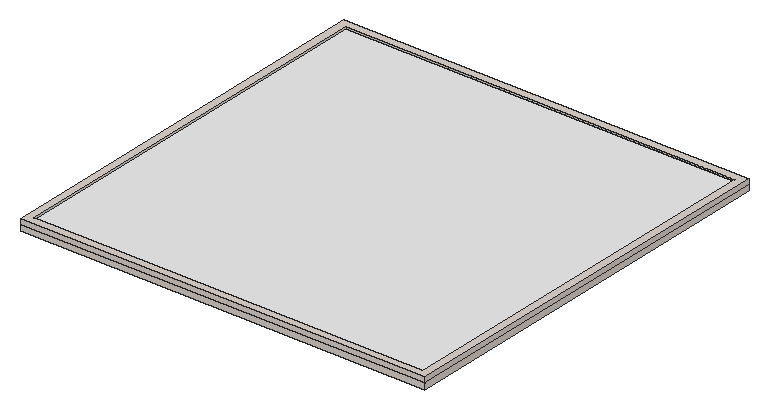
Revit family "SKY LED FLAT PANEL", category Lighting Fixtures, host Face, Revit 2020 (continued)
Types (13): name | Wattage | WATTS | built-in parameter 1150134 | Replaces/Equiv.(MH) | Photometric Web File | Order number | built-in parameter 1150142 | Model | built-in parameter 1150105 | Lumens | built-in parameter 1150107 | built-in parameter 1150106 | Fixture Width | Fixture Length | Default Elevation | Apparent Load
    52     \r\n 1.60     1.68     1.76     1.84     1.92     2.00     2.08     2.16     2.24     2.32     \r\n 2.39     2.47     2.55     2.62     2.70     2.78     2.85     2.92     2.99     3.06     \r\n 3.12     3.17     3.23     3.28     3.34     3.39     3.45     3.51     3.56     3.62     \r\n 3.67     3.73     3.77     3.83     3.88     3.94     4.00     4.05     4.10     4.16     \r\n 4.22     4.27     4.33     4.38     4.44     4.49     4.55     4.61     4.67     4.72     \r\n 4.77     4.82     4.86     4.91     4.97     5.03     5.08     5.14     5.20     5.25     \r\n 5.30     5.33     5.35     5.39     5.41     5.43     5.45     5.48     5.50     5.52     \r\n 5.55     5.57     5.59     5.61     5.64     5.65     5.67     5.67     5.67     5.67     \r\n 5.71     \r\n1317.43  1317.77  1316.57  1314.57  1314.03  1312.01  1311.27  1306.54  1304.11  1299.52  \r\n 1294.46  1291.07  1284.54  1280.74  1275.54  1269.30  1262.76  1254.79  1246.25  1238.40  \r\n 1229.66  1222.43  1211.47  1203.24  1192.87  1182.61  1169.86  1159.70  1147.17  1135.55  \r\n 1122.95  1110.74  1095.77  1083.60  1069.58  1055.30  1039.75  1025.09  1011.26  995.07   \r\n 979.47   962.53   946.57   927.68   912.09   893.42   876.53   857.99   839.81   821.49   \r\n 802.79   783.83   762.99   744.30   725.10   704.64   684.17   664.82   644.02   623.23   \r\n 601.37   581.62   559.69   538.23   516.40   495.72   473.86   452.75   430.43   409.12   \r\n 387.43   365.87   344.77   323.39   302.42   281.36   260.48   240.10   220.03   199.84   \r\n 180.19   160.95   142.40   124.14   105.89   88.43    71.56    54.69    37.96    22.73    \r\n 9.24     1.27     1.11     1.18     1.25     1.33     1.41     1.50     1.58     1.67     \r\n 1.75     1.84     1.94     2.03     2.12     2.21     2.30     2.39     2.48     2.57     \r\n 2.66     2.75     2.84     2.93     3.01     3.10     3.18     3.25     3.33     3.39     \r\n 3.45     3.51     3.57     3.62     3.68     3.73     3.78     3.82     3.86     3.92     \r\n 3.97     4.01     4.06     4.10     4.15     4.19     4.23     4.27     4.31     4.35     \r\n 4.38     4.43     4.46     4.50     4.54     4.59     4.63     4.68     4.73     4.77     \r\n 4.82     4.87     4.90     4.95     5.00     5.05     5.10     5.15     5.22     5.26     \r\n 5.31     5.36     5.39     5.41     5.44     5.46     5.49     5.52     5.55     5.57     \r\n 5.60     5.62     5.65     5.67     5.68     5.71     5.72     5.75     5.75     5.76     \r\n 5.71     \r\n1317.43  1316.80  1315.28  1316.11  1313.80  1313.92  1311.79  1307.38  1304.71  1300.99  \r\n 1296.78  1291.72  1289.53  1283.97  1278.29  1270.08  1262.44  1256.75  1250.38  1240.44  \r\n 1234.41  1223.46  1215.49  1202.92  1194.14  1184.26  1171.42  1161.18  1150.07  1138.48  \r\n 1127.28  1113.36  1101.11  1088.15  1073.09  1057.30  1045.31  1029.09  1014.18  996.27   \r\n 981.42   966.76   950.47   931.37   915.79   898.14   880.34   863.18   843.55   825.06   \r\n 806.06   786.87   767.16   748.26   729.87   708.15   689.06   668.23   647.74   628.03   \r\n 606.28   584.15   563.13   542.29   521.03   499.88   478.59   456.08   434.40   412.74   \r\n 391.48   369.73   348.79   327.50   306.01   285.33   264.36   244.03   223.56   203.68   \r\n 183.87   164.68   146.05   127.41   109.12   91.75    73.86    57.83    40.96    25.93    \r\n 12.64    2.24     1.24     1.29     1.36     1.37     1.44     1.53     1.61     1.70     \r\n 1.79     1.88     1.96     2.05     2.14     2.22     2.30     2.40     2.48     2.57     \r\n 2.66     2.76     2.84     2.93     3.01     3.09     3.17     3.24     3.31     3.37     \r\n 3.44     3.50     3.56     3.61     3.66     3.72     3.77     3.81     3.86     3.91     \r\n 3.96     4.01     4.05     4.10     4.15     4.20     4.24     4.28     4.33     4.37     \r\n 4.42     4.46     4.49     4.54     4.59     4.64     4.69     4.75     4.80     4.85     \r\n 4.90     4.95     5.01     5.06     5.10     5.16     5.21     5.27     5.31     5.36     \r\n 5.40     5.43     5.45     5.47     5.50     5.52     5.55     5.56     5.58     5.60     \r\n 5.61     5.62     5.65     5.66     5.67     5.68     5.68     5.69     5.70     5.69     \r\n 5.71     \r\n1317.43  1320.31  1317.42  1319.36  1317.72  1317.13  1313.82  1309.28  1307.24  1305.37  \r\n 1298.05  1296.37  1291.44  1285.67  1277.27  1270.92  1265.65  1258.27  1250.94  1242.85  \r\n 1232.60  1225.76  1214.83  1206.18  1196.18  1186.01  1174.56  1161.36  1150.76  1139.13  \r\n 1126.02  1112.86  1099.82  1085.91  1073.34  1058.79  1043.05  1029.27  1013.71  996.89   \r\n 980.91   964.45   949.03   931.53   914.93   897.44   877.90   861.18   842.69   823.60   \r\n 805.19   785.47   766.40   747.14   726.61   707.01   686.34   665.45   645.77   624.59   \r\n 603.05   582.25   561.56   539.58   518.09   497.05   475.58   454.09   432.92   411.02   \r\n 389.66   367.65   346.24   324.66   303.95   282.82   262.43   241.25   221.21   201.08   \r\n 181.75   162.13   143.11   124.46   106.42   88.43    71.73    55.04    39.41    24.71    \r\n 11.99    2.34     1.34     1.40     1.50     1.59     1.68     1.77     1.82     1.86     \r\n 1.90     1.95     2.02     2.10     2.18     2.27     2.35     2.44     2.52     2.61     \r\n 2.69     2.78     2.86     2.93     3.01     3.09     3.16     3.23     3.30     3.36     \r\n 3.42     3.48     3.54     3.59     3.65     3.70     3.75     3.81     3.87     3.93     \r\n 3.97     4.02     4.08     4.13     4.18     4.22     4.27     4.32     4.36     4.41     \r\n 4.45     4.49     4.53     4.57     4.61     4.66     4.71     4.75     4.80     4.84     \r\n 4.89     4.94     4.99     5.04     5.08     5.14     5.19     5.23     5.27     5.31     \r\n 5.35     5.38     5.40     5.43     5.44     5.47     5.50     5.53     5.55     5.57     \r\n 5.58     5.59     5.60     5.60     5.61     5.61     5.62     5.63     5.64     5.64     \r\n 5.71     \r\n1317.43  1317.38  1317.62  1317.77  1316.93  1313.54  1310.92  1309.14  1306.51  1302.80  \r\n 1295.81  1293.42  1287.51  1281.16  1278.43  1271.19  1263.99  1254.75  1247.84  1240.11  \r\n 1232.40  1223.51  1213.18  1205.69  1191.74  1183.11  1172.82  1160.38  1150.20  1137.72  \r\n 1123.88  1110.21  1097.22  1084.83  1068.61  1056.12  1040.23  1025.98  1009.99  994.37   \r\n 979.27   962.19   947.73   929.77   912.85   894.59   877.67   858.90   841.31   822.27   \r\n 803.45   784.93   764.81   745.06   725.18   705.41   686.06   665.27   645.00   623.32   \r\n 603.44   581.74   561.23   540.22   518.32   496.37   475.74   453.76   432.73   410.72   \r\n 389.67   367.96   346.95   325.13   304.29   283.03   262.41   241.89   221.10   201.61   \r\n 181.86   162.93   144.06   125.18   106.70   89.20    71.32    55.18    39.91    26.24    \r\n 13.85    3.24     1.29     1.34     1.44     1.54     1.64     1.73     1.81     1.90     \r\n 1.98     2.06     2.13     2.19     2.25     2.32     2.38     2.46     2.52     2.60     \r\n 2.68     2.75     2.84     2.91     2.99     3.07     3.14     3.21     3.28     3.34     \r\n 3.41     3.47     3.53     3.60     3.65     3.71     3.77     3.82     3.88     3.93     \r\n 3.98     4.03     4.07     4.12     4.16     4.20     4.25     4.29     4.33     4.38     \r\n 4.41     4.46     4.49     4.53     4.58     4.62     4.67     4.71     4.76     4.80     \r\n 4.86     4.91     4.95     5.00     5.06     5.11     5.16     5.20     5.24     5.27     \r\n 5.30     5.32     5.35     5.38     5.40     5.42     5.44     5.46     5.47     5.49     \r\n 5.51     5.53     5.54     5.56     5.58     5.59     5.61     5.62     5.65     5.66     \r\n 5.71     \r\n1317.43  1317.95  1318.68  1318.46  1316.86  1314.41  1310.89  1308.58  1304.30  1301.48  \r\n 1298.54  1292.09  1288.81  1282.13  1275.99  1269.71  1261.32  1254.78  1245.49  1238.39  \r\n 1228.96  1218.97  1211.46  1201.07  1189.04  1178.76  1167.28  1157.80  1146.05  1133.23  \r\n 1119.11  1107.35  1091.93  1080.38  1065.24  1051.11  1034.95  1019.80  1006.10  990.35   \r\n 974.59   956.14   940.94   923.67   906.63   890.29   871.52   852.04   835.70   816.54   \r\n 796.01   779.03   757.75   739.41   720.43   700.95   679.49   660.29   638.14   619.08   \r\n 596.43   575.95   554.50   533.90   513.17   491.26   470.17   448.14   427.21   405.19   \r\n 384.23   362.13   341.30   319.83   299.08   277.82   257.60   236.95   216.57   197.13   \r\n 177.25   157.97   139.20   120.63   102.70   85.02    68.39    51.76    37.37    24.84    \r\n 12.40    2.61     1.26     1.32     1.42     1.52     1.62     1.72     1.81     1.89     \r\n 1.98     2.06     2.14     2.22     2.30     2.38     2.44     2.52     2.58     2.65     \r\n 2.71     2.79     2.86     2.93     3.00     3.07     3.15     3.22     3.28     3.34     \r\n 3.40     3.46     3.52     3.58     3.65     3.70     3.76     3.81     3.86     3.91     \r\n 3.96     4.01     4.05     4.10     4.14     4.19     4.24     4.27     4.31     4.36     \r\n 4.40     4.44     4.47     4.51     4.55     4.59     4.64     4.69     4.75     4.79     \r\n 4.84     4.89     4.93     4.98     5.04     5.07     5.12     5.15     5.19     5.22     \r\n 5.25     5.28     5.31     5.34     5.36     5.40     5.42     5.45     5.47     5.50     \r\n 5.53     5.55     5.57     5.60     5.62     5.65     5.67     5.69     5.70     5.72     \r\n 5.71     \r\n1317.43  1316.24  1317.71  1315.43  1313.62  1311.82  1309.88  1307.16  1305.53  1300.00  \r\n 1296.21  1290.44  1286.30  1280.49  1276.20  1269.13  1259.48  1254.08  1245.57  1236.46  \r\n 1229.23  1219.09  1210.05  1200.53  1189.63  1179.02  1167.16  1157.32  1141.33  1130.20  \r\n 1117.79  1104.24  1091.68  1075.99  1063.85  1047.90  1034.28  1017.39  1003.36  988.81   \r\n 970.82   955.92   939.72   921.47   903.42   886.86   870.22   852.24   831.08   815.17   \r\n 795.04   776.10   756.53   738.52   718.31   697.89   677.19   658.20   636.59   616.08   \r\n 594.88   574.32   553.19   531.90   511.53   489.91   468.85   447.10   426.11   403.96   \r\n 383.05   361.38   340.71   319.07   298.39   277.39   256.66   236.65   216.55   196.48   \r\n 177.06   158.15   139.43   120.71   102.76   85.54    68.23    52.31    37.44    25.35    \r\n 13.27    2.94     1.23     1.30     1.40     1.50     1.60     1.69     1.78     1.87     \r\n 1.95     2.04     2.12     2.20     2.28     2.37     2.44     2.51     2.57     2.64     \r\n 2.71     2.78     2.85     2.92     2.99     3.05     3.12     3.19     3.25     3.31     \r\n 3.38     3.44     3.50     3.56     3.61     3.67     3.72     3.77     3.82     3.88     \r\n 3.92     3.97     4.02     4.06     4.10     4.15     4.19     4.23     4.27     4.31     \r\n 4.35     4.39     4.44     4.47     4.51     4.56     4.61     4.65     4.70     4.75     \r\n 4.79     4.84     4.90     4.94     4.98     5.04     5.08     5.12     5.16     5.20     \r\n 5.24     5.27     5.30     5.35     5.38     5.41     5.43     5.46     5.50     5.53     \r\n 5.57     5.60     5.62     5.64     5.67     5.69     5.70     5.71     5.72     5.73     \r\n 5.71     \r\n1317.43  1318.45  1317.96  1315.78  1313.74  1312.88  1309.55  1306.30  1304.51  1300.33  \r\n 1293.81  1290.96  1286.39  1277.98  1273.48  1265.77  1259.22  1250.89  1245.13  1235.61  \r\n 1225.81  1216.24  1207.04  1196.32  1186.12  1173.79  1161.84  1153.38  1137.36  1125.48  \r\n 1113.95  1099.60  1085.95  1071.14  1060.19  1044.48  1028.69  1012.97  998.37   981.36   \r\n 964.71   949.78   933.40   915.82   897.69   879.89   862.76   844.68   826.51   807.85   \r\n 788.12   769.17   750.67   732.11   710.95   691.54   671.15   651.46   630.47   610.19   \r\n 588.86   569.24   547.49   526.72   504.69   484.42   462.53   441.52   420.09   398.05   \r\n 376.71   356.01   334.50   313.77   292.48   272.54   251.74   231.46   211.31   191.56   \r\n 172.48   153.22   134.64   116.45   98.53    81.36    65.33    49.31    34.85    22.58    \r\n 11.01    2.08     1.25     1.31     1.42     1.52     1.62     1.71     1.80     1.89     \r\n 1.98     2.06     2.14     2.20     2.26     2.33     2.40     2.47     2.54     2.61     \r\n 2.69     2.76     2.83     2.90     2.98     3.05     3.13     3.19     3.25     3.32     \r\n 3.37     3.43     3.49     3.54     3.61     3.66     3.72     3.77     3.81     3.87     \r\n 3.92     3.95     4.00     4.04     4.09     4.13     4.16     4.21     4.25     4.28     \r\n 4.32     4.36     4.40     4.45     4.49     4.53     4.57     4.62     4.67     4.72     \r\n 4.77     4.82     4.87     4.91     4.97     5.02     5.07     5.11     5.16     5.20     \r\n 5.24     5.28     5.31     5.35     5.38     5.42     5.47     5.49     5.53     5.56     \r\n 5.59     5.62     5.64     5.66     5.68     5.68     5.69     5.70     5.69     5.70     \r\n 5.71     \r\n1317.43  1316.19  1318.81  1316.46  1315.36  1313.47  1310.46  1306.97  1304.68  1300.08  \r\n 1296.57  1290.22  1285.34  1279.15  1272.06  1266.74  1258.04  1253.16  1242.66  1234.61  \r\n 1226.51  1216.76  1206.93  1196.05  1183.84  1174.79  1161.72  1151.69  1137.60  1126.28  \r\n 1110.63  1097.73  1086.39  1072.05  1056.87  1042.37  1027.46  1011.35  997.44   980.78   \r\n 962.81   947.90   930.36   913.95   896.88   879.00   861.64   842.53   824.92   806.26   \r\n 787.84   768.70   750.03   729.16   709.21   690.30   669.88   649.13   628.45   609.49   \r\n 588.17   566.79   545.92   525.29   503.48   483.17   461.78   439.65   419.18   397.58   \r\n 375.96   355.35   334.07   312.84   291.87   271.04   251.19   230.61   210.84   191.65   \r\n 171.94   153.36   134.78   116.81   98.98    82.10    64.99    50.09    35.40    22.35    \r\n 11.17    2.04     1.26     1.32     1.42     1.53     1.63     1.73     1.82     1.87     \r\n 1.92     1.97     2.02     2.08     2.15     2.22     2.31     2.39     2.48     2.56     \r\n 2.64     2.73     2.81     2.89     2.96     3.04     3.11     3.18     3.25     3.32     \r\n 3.38     3.44     3.50     3.55     3.61     3.65     3.71     3.76     3.81     3.85     \r\n 3.90     3.95     3.99     4.04     4.08     4.12     4.16     4.20     4.25     4.29     \r\n 4.32     4.36     4.41     4.44     4.49     4.53     4.58     4.63     4.68     4.72     \r\n 4.77     4.82     4.87     4.92     4.97     5.02     5.08     5.12     5.17     5.22     \r\n 5.27     5.32     5.35     5.38     5.42     5.47     5.50     5.54     5.56     5.57     \r\n 5.60     5.61     5.63     5.64     5.64     5.66     5.67     5.68     5.68     5.68     \r\n 5.71     \r\n1317.43  1318.95  1317.10  1317.63  1315.31  1311.87  1312.62  1305.92  1304.98  1299.71  \r\n 1295.98  1290.53  1286.19  1278.94  1274.16  1265.13  1256.67  1251.15  1240.40  1234.45  \r\n 1224.66  1213.62  1203.82  1193.22  1184.86  1171.59  1159.41  1148.48  1134.88  1122.32  \r\n 1107.86  1094.31  1082.26  1066.21  1052.68  1036.89  1021.71  1007.66  992.29   975.98   \r\n 959.53   942.80   925.71   907.66   890.87   874.07   856.57   838.08   819.09   800.51   \r\n 781.52   761.58   743.78   723.69   703.48   685.29   663.35   644.14   622.52   602.09   \r\n 582.14   560.61   539.38   518.80   497.75   476.23   455.77   434.51   413.31   391.01   \r\n 370.83   348.45   328.18   306.58   285.94   265.96   245.26   225.38   205.75   186.38   \r\n 167.23   148.33   130.15   112.15   94.72    77.76    62.36    46.96    32.59    19.91    \r\n 8.18     1.31     1.24     1.32     1.41     1.46     1.49     1.53     1.61     1.70     \r\n 1.79     1.87     1.96     2.05     2.13     2.22     2.31     2.40     2.48     2.57     \r\n 2.66     2.74     2.83     2.91     2.99     3.07     3.15     3.22     3.28     3.35     \r\n 3.41     3.47     3.54     3.59     3.64     3.70     3.75     3.79     3.84     3.89     \r\n 3.94     3.98     4.04     4.08     4.12     4.17     4.21     4.25     4.29     4.33     \r\n 4.38     4.41     4.46     4.50     4.53     4.58     4.63     4.68     4.73     4.77     \r\n 4.83     4.86     4.92     4.96     5.01     5.06     5.11     5.15     5.21     5.25     \r\n 5.30     5.35     5.39     5.43     5.47     5.49     5.52     5.54     5.56     5.57     \r\n 5.60     5.61     5.62     5.64     5.66     5.68     5.69     5.70     5.71     5.72     \r\n 5.71     \r\n1317.43  1318.69  1318.69  1316.64  1317.58  1312.47  1309.14  1309.43
      1305.91  1299.90  \r\n 1294.93  1290.33  1285.62  1277.93  1272.42  1263.98  1257.45  1250.25  1240.50  1231.48  \r\n 1224.90  1211.81  1202.05  1192.00  1181.97  1170.94  1158.35  1146.96  1134.49  1121.09  \r\n 1106.98  1094.46  1081.78  1066.80  1050.82  1037.03  1020.90  1006.88  992.01   973.69   \r\n 958.51   941.48   925.58   906.99   890.51   871.71   854.13   836.29   816.85   799.25   \r\n 780.43   761.18   742.88   722.84   703.30   682.68   662.55   642.99   622.10   601.25   \r\n 580.81   559.62   538.89   518.05   496.80   475.68   454.22   432.96   411.92   390.16   \r\n 369.49   348.22   327.81   306.61   285.61   264.66   245.19   224.53   205.38   185.80   \r\n 166.78   148.34   129.90   112.26   94.74    78.21    61.80    46.66    31.93    19.08    \r\n 7.17     1.03     1.07     1.14     1.21     1.29     1.38     1.46     1.55     1.64     \r\n 1.72     1.81     1.90     2.00     2.08     2.17     2.26     2.36     2.45     2.54     \r\n 2.64     2.72     2.81     2.90     2.99     3.07     3.15     3.23     3.30     3.37     \r\n 3.43     3.49     3.55     3.61     3.67     3.72     3.77     3.82     3.87     3.92     \r\n 3.97     4.03     4.07     4.12     4.16     4.21     4.24     4.29     4.33     4.38     \r\n 4.42     4.46     4.50     4.54     4.58     4.62     4.67     4.72     4.77     4.81     \r\n 4.86     4.90     4.96     5.00     5.05     5.09     5.14     5.19     5.24     5.29     \r\n 5.34     5.40     5.43     5.45     5.48     5.50     5.52     5.55     5.57     5.59     \r\n 5.61     5.63     5.65     5.67     5.68     5.70     5.71     5.72     5.72     5.73     \r\n 5.71     \r\n" | "SFLP22D3835" | 298.42 (stored number, unit not read) | 3750 lm | 3500 (stored number, unit not read) | 2.9842 (stored number, unit not read) | 23.74" | 23.74" | 0.00" | 47.5 VA
  SFLP22D3840 | 25.2454 W | 38 W | 12 | "3x17W FL" | "generic" | "14213K" | (empty or 0) | "SFLP22D3840" | 298.42 (stored number, unit not read) | 3750 lm | 4000 (stored number, unit not read) | 2.9842 (stored number, unit not read) | 23.74" | 23.74" | 0.00" | 47.5 VA
